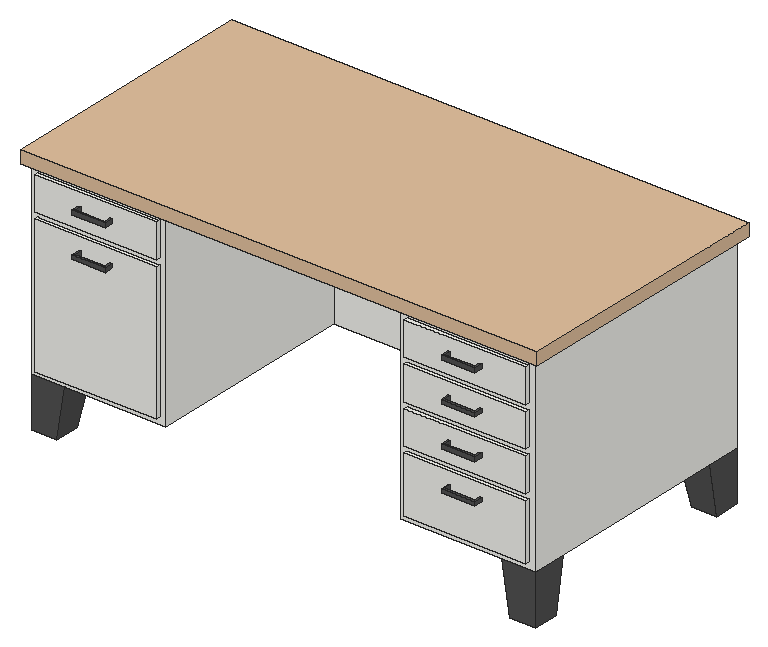
Revit family
Parameters (values of type "60" x 30"")
  Assembly Code = "E2020200"
  Depth = 2' - 6"
  Body Material = Laminate - Ivory, Matte
  Handle/Leg Material = Metal - Chrome
  Top Material = Wood - Cherry
  Height = 2' - 6"
  Leg Height = 0' - 6"
  Width = 5' - 0"
Types (3): name | Depth | Width
  60" x 30" | 2' - 6" | 5' - 0"
  72" x 36" | 3' - 0" | 6' - 0"
  60" x 30" Student | 2' - 6" | 5' - 0"
Reference planes (in)
  plane 1: z = 0
  plane 2: z = 28.5
  plane 3: z = 6
  plane 4: z = 30
  plane 5 "Center (Left/Right)": x = 30
  plane 6 "Center (Front/Back)": y = 15
  plane 7 "Drawer Edge": y = -0.5
  plane 8: x = 8
  plane 9: x = 52
  plane 10: z = 12
  plane 11: z = 16.75
  plane 12: z = 21.5
  plane 13: z = 26.25
  plane 14: z = 21.5
  plane 15: z = 26.25
  plane 16 "Top": y = 30
  plane 17 "Right": x = 60
  plane 18 "Left": x = 0
  plane 19 "Bottom": y = 0
Forms (in)
  Extrusion 1, solid, material "Laminate - Ivory, Matte" <- "Body Material"
    sketch origin (60, 30, 0) x (-1, 0, 0) y (0, -1, 0)
      loop
        line (0, 30) -> (0, 0) -> (60, 0) -> (60, 30) -> (44, 30) -> (44, 5) -> (16, 5) -> (16, 30) -> (0, 30)
    from 6 to 28.5
  Extrusion 2, solid, material "Wood - Cherry" <- "Top Material"
    sketch origin (60, 30, 0) x (-1, 0, 0) y (0, -1, 0)
      loop
        line (-0.75, 30.75) -> (-0.75, -0.75) -> (60.75, -0.75) -> (60.75, 30.75) -> (-0.75, 30.75)
    from 28.5 to 30
  Blend 3, solid, material "Metal - Chrome" <- "Handle/Leg Material"
    base sketch origin (60, 30, 0) x (-1, 0, 0) y (0, -1, 0)
      loop
        line (0, 30) -> (0, 27) -> (3, 27) -> (3, 30) -> (0, 30)
    top sketch origin (60, 30, 0) x (-1, 0, 0) y (0, -1, 0)
      loop
        line (0, 30) -> (0, 26) -> (4, 26) -> (4, 30) -> (0, 30)
    from 0 to 6
  Blend 4, solid, material "Metal - Chrome" <- "Handle/Leg Material"
    base sketch origin (60, 33, 0) x (-1, 0, 0) y (0, -1, 0)
      loop
        line (0, 3) -> (3, 3) -> (3, 6) -> (0, 6) -> (0, 3)
    top sketch origin (60, 33, 0) x (-1, 0, 0) y (0, -1, 0)
      loop
        line (0, 3) -> (4, 3) -> (4, 7) -> (0, 7) -> (0, 3)
    from 0 to 6
  Blend 5, solid, material "Metal - Chrome" <- "Handle/Leg Material"
    base sketch origin (60, 33, 0) x (-1, 0, 0) y (0, -1, 0)
      loop
        line (60, 3) -> (60, 6) -> (57, 6) -> (57, 3) -> (60, 3)
    top sketch origin (60, 33, 0) x (-1, 0, 0) y (0, -1, 0)
      loop
        line (60, 3) -> (60, 7) -> (56, 7) -> (56, 3) -> (60, 3)
    from 0 to 6
  Blend 6, solid, material "Metal - Chrome" <- "Handle/Leg Material"
    base sketch origin (60, 30, 0) x (-1, 0, 0) y (0, -1, 0)
      loop
        line (60, 30) -> (57, 30) -> (57, 27) -> (60, 27) -> (60, 30)
    top sketch origin (60, 30, 0) x (-1, 0, 0) y (0, -1, 0)
      loop
        line (60, 30) -> (56, 30) -> (56, 26) -> (60, 26) -> (60, 30)
    from 0 to 6
  Extrusion 7, solid, material "Laminate - Ivory, Matte" <- "Body Material"
    sketch origin (0, 0, 0) x (-1, 0, 0) y (0, 0, 1)
      loop
        line (-59.25, 27.75) -> (-59.25, 23.75) -> (-44.75, 23.75) -> (-44.75, 27.75) -> (-59.25, 27.75)
      loop
        line (-59.25, 6.75) -> (-44.75, 6.75) -> (-44.75, 13.5) -> (-59.25, 13.5) -> (-59.25, 6.75)
      loop
        line (-44.75, 23) -> (-59.25, 23) -> (-59.25, 19) -> (-44.75, 19) -> (-44.75, 23)
      loop
        line (-44.75, 18.25) -> (-59.25, 18.25) -> (-59.25, 14.25) -> (-44.75, 14.25) -> (-44.75, 18.25)
    from -0.5 to 0
  Extrusion 8, solid, material "Laminate - Ivory, Matte" <- "Body Material"
    sketch origin (-12, -6, 0) x (1, 0, 0) y (0, 0, -1)
      loop
        line (12.75, -27.75) -> (27.25, -27.75) -> (27.25, -23.75) -> (12.75, -23.75) -> (12.75, -27.75)
      loop
        line (12.75, -6.75) -> (12.75, -23) -> (27.25, -23) -> (27.25, -6.75) -> (12.75, -6.75)
    from 5.5 to 6
  Sweep 9, solid, material "Metal - Chrome" <- "Handle/Leg Material"
    path origin (60, 30, 0) x (-1, 0, 0) y (0, -1, 0)
      loop
        line (6, 30.5) -> (6, 31.5) -> (10, 31.5) -> (10, 30.5)
    profile origin (0, -1, 0) x (1, 0, 0) y (0, 0, 1)
      loop
        line (54, 12) -> (53.75, 12) -> (53.75, 11.5) -> (54, 11.5) -> (54, 12)
      loop
        line (54, 16.75) -> (53.75, 16.75) -> (53.75, 16.25) -> (54, 16.25) -> (54, 16.75)
      loop
        line (54, 21.5) -> (53.75, 21.5) -> (53.75, 21) -> (54, 21) -> (54, 21.5)
      loop
        line (54, 26.25) -> (53.75, 26.25) -> (53.75, 25.75) -> (54, 25.75) -> (54, 26.25)
  Sweep 10, solid, material "Metal - Chrome" <- "Handle/Leg Material"
    path origin (60, 30, 0) x (-1, 0, 0) y (0, -1, 0)
      loop
        line (54, 30.5) -> (54, 31.5) -> (50, 31.5) -> (50, 30.5)
    profile origin (0, -1, 0) x (1, 0, 0) y (0, 0, 1)
      loop
        line (6, 21.5) -> (6, 21) -> (6.25, 21) -> (6.25, 21.5) -> (6, 21.5)
      loop
        line (6, 26.25) -> (6, 25.75) -> (6.25, 25.75) -> (6.25, 26.25) -> (6, 26.25)
Lines and regions (in)
  Masking region 1
    outline origin (60, 30, 0) x (-1, 0, 0) y (0, -1, 0)
      loop
        line (0, 30) -> (0, 0) -> (60, 0) -> (60, 30) -> (0, 30)
Dimensions and locks (in)
  "Height": plane 1 to plane 4
  plane 3 to plane 1 = 0' - 6"
  plane 2 to plane 4 = 0' - 1 1/2"
  locked: plane 2 to plane 4 at 1.5
  "Leg Height": plane 3 to plane 1
  Extrusion 1 to Extrusion 7 sketch curve = 0' - 0 3/4"
  plane 3 to Extrusion 7 sketch curve = 0' - 0 3/4"
  Extrusion 7 sketch curve to plane 2 = 0' - 0 3/4"
  plane 13 to Extrusion 7 = 0' - 1 1/2"
  plane 12 to Extrusion 7 = 0' - 1 1/2"
  plane 11 to Extrusion 7 = 0' - 1 1/2"
  plane 10 to Extrusion 7 = 0' - 1 1/2"
  plane 15 to Extrusion 8 = 0' - 1 1/2"
  plane 14 to Extrusion 8 = 0' - 1 1/2"
  locked: plane 9 to plane 17 "Right" at 8
  locked: plane 19 "Bottom" to plane 7 "Drawer Edge" at 0.5
  equal spacing: plane 18 "Left", plane 5 "Center (Left/Right)", plane 17 "Right"
  "Width": plane 18 "Left" to plane 17 "Right"
  equal spacing: plane 16 "Top", plane 6 "Center (Front/Back)", plane 19 "Bottom"
  "Depth": plane 16 "Top" to plane 19 "Bottom"
  locked: Extrusion 2 sketch curve to plane 18 "Left" at 0.75
  locked: Extrusion 2 sketch curve to plane 16 "Top" at 0.75
  locked: plane 17 "Right" to Extrusion 2 sketch curve at 0.75
  locked: plane 19 "Bottom" to Extrusion 2 sketch curve at 0.75
  locked: plane 18 "Left" to plane 8 at 8
  locked: plane 18 "Left" to Blend 5 sketch curve at 3
  locked: plane 16 "Top" to Blend 5 sketch curve at 3
  locked: plane 16 "Top" to Blend 4 sketch curve at 3
  locked: Blend 4 sketch curve to plane 17 "Right" at 3
  locked: plane 16 "Top" to Blend 5 sketch curve at 4
  locked: plane 18 "Left" to Blend 5 sketch curve at 4
  locked: Blend 4 sketch curve to plane 17 "Right" at 4
  locked: plane 16 "Top" to Blend 4 sketch curve at 4
  aligned and locked: Extrusion 1 to plane 2
  aligned and locked: plane 2 to Extrusion 2
  aligned and locked: Extrusion 2 to plane 4
  aligned and locked: plane 3 to Extrusion 1
  aligned and locked: Blend 4 to plane 3
  aligned and locked: Blend 5 to plane 3
  aligned and locked: Blend 3 to plane 3
  aligned and locked: Blend 6 to plane 3
  aligned and locked: Extrusion 7 to plane 7 "Drawer Edge"
  aligned and locked: Extrusion 8 to plane 7 "Drawer Edge"
  aligned and locked: Extrusion 1 sketch curve to plane 16 "Top"
  aligned and locked: plane 18 "Left" to Extrusion 1 sketch curve
  aligned and locked: Masking region 1 sketch curve to plane 16 "Top"
  aligned and locked: plane 18 "Left" to Masking region 1 sketch curve
  aligned and locked: plane 19 "Bottom" to Extrusion 8
  aligned and locked: Extrusion 1 to plane 19 "Bottom"
  aligned and locked: plane 19 "Bottom" to Extrusion 1 sketch curve
  aligned and locked: plane 19 "Bottom" to Extrusion 7
  aligned and locked: Blend 5 sketch curve to plane 18 "Left"
  aligned and locked: Blend 5 sketch curve to plane 16 "Top"
  aligned and locked: Blend 4 sketch curve to plane 17 "Right"
  aligned and locked: plane 16 "Top" to Blend 4 sketch curve
Automatic sketch dimensions
  Blend 3 sketch curve to Blend 3 sketch curve = 0' - 3"
  Blend 3 sketch curve to Blend 3 sketch curve = 0' - 4"
  Blend 4 sketch curve to Blend 4 sketch curve = 0' - 4"  (x2)
  Blend 6 sketch curve to Blend 6 sketch curve = 0' - 3"  (x2)
  Blend 6 sketch curve to Blend 6 sketch curve = 0' - 4"  (x2)
  plane 9 to Extrusion 7 sketch curve = 0' - 7 1/4"
  Extrusion 7 sketch curve to Extrusion 7 sketch curve = 0' - 0"  (x5)
  Extrusion 7 sketch curve to Extrusion 7 sketch curve = 0' - 6 3/4"
  Extrusion 7 sketch curve to Extrusion 7 sketch curve = 0' - 0 3/4"  (x3)
  Extrusion 7 sketch curve to Extrusion 7 sketch curve = 0' - 4"  (x2)
  plane 2 to Extrusion 8 sketch curve = 0' - 0 3/4"
  plane 8 to Extrusion 8 sketch curve = 0' - 7 1/4"
  Extrusion 8 sketch curve to Extrusion 8 sketch curve = 0' - 0"
  Extrusion 8 sketch curve to Extrusion 8 sketch curve = 0' - 4"
  Extrusion 8 sketch curve to Extrusion 8 sketch curve = 0' - 0 3/4"
  Extrusion 8 sketch curve to plane 3 = 0' - 0 3/4"
  Sweep 9 sketch curve to plane 7 "Drawer Edge" = 0' - 0"  (x2)
  plane 7 "Drawer Edge" to Sweep 9 sketch curve = 0' - 1"
  Sweep 9 sketch curve to plane 9 = 0' - 2"
  plane 9 to Sweep 9 sketch curve = 0' - 2"
  Sweep 9 sketch curve to plane 10 = 0' - 0"
  Sweep 9 sketch curve to plane 13 = 0' - 0"
  Sweep 9 sketch curve to plane 12 = 0' - 0"
  Sweep 9 sketch curve to plane 11 = 0' - 0"
  Sweep 9 sketch curve to profile plane = 0' - 0"  (x4)
  Sweep 9 sketch curve to Sweep 9 sketch curve = 0' - 0 1/4"  (x4)
  plane 10 to Sweep 9 sketch curve = 0' - 0 1/2"
  plane 11 to Sweep 9 sketch curve = 0' - 0 1/2"
  plane 12 to Sweep 9 sketch curve = 0' - 0 1/2"
  plane 13 to Sweep 9 sketch curve = 0' - 0 1/2"
  Sweep 10 sketch curve to plane 7 "Drawer Edge" = 0' - 0"  (x2)
  plane 7 "Drawer Edge" to Sweep 10 sketch curve = 0' - 1"
  plane 8 to Sweep 10 sketch curve = 0' - 2"
  Sweep 10 sketch curve to plane 8 = 0' - 2"
  Sweep 10 sketch curve to profile plane = 0' - 0"  (x2)
  Sweep 10 sketch curve to plane 15 = 0' - 0"
  Sweep 10 sketch curve to plane 14 = 0' - 0"
  Sweep 10 sketch curve to Sweep 10 sketch curve = 0' - 0 1/4"  (x2)
  plane 14 to Sweep 10 sketch curve = 0' - 0 1/2"
  plane 15 to Sweep 10 sketch curve = 0' - 0 1/2"
  Blend 3 sketch curve to plane 9 = 0' - 8"  (x2)
  Extrusion 7 sketch curve to plane 9 = 0' - 7 1/4"
  Blend 5 sketch curve to Blend 5 sketch curve = 0' - 4"  (x2)
  Blend 6 sketch curve to plane 8 = 0' - 5"
  Blend 6 sketch curve to plane 8 = 0' - 4"
  Extrusion 8 sketch curve to plane 8 = 0' - 7 1/4"  (x2)
  Blend 3 sketch curve to plane 7 "Drawer Edge" = 0' - 3 1/2"
  Blend 3 sketch curve to plane 7 "Drawer Edge" = 0' - 0 1/2"  (x2)
  Blend 3 sketch curve to plane 7 "Drawer Edge" = 0' - 4 1/2"
  Blend 6 sketch curve to plane 7 "Drawer Edge" = 0' - 3 1/2"
  Blend 6 sketch curve to plane 7 "Drawer Edge" = 0' - 4 1/2"
  Masking region 1 sketch curve to plane 17 "Right" = 0' - 0"
  Masking region 1 sketch curve to plane 19 "Bottom" = 0' - 0"
  Extrusion 1 sketch curve to plane 17 "Right" = 0' - 0"
  Extrusion 1 sketch curve to plane 19 "Bottom" = 0' - 0"
  plane 9 to Extrusion 1 sketch curve = 0' - 8"
  plane 8 to Extrusion 1 sketch curve = 0' - 8"
  Extrusion 1 sketch curve to plane 16 "Top" = 0' - 5"
